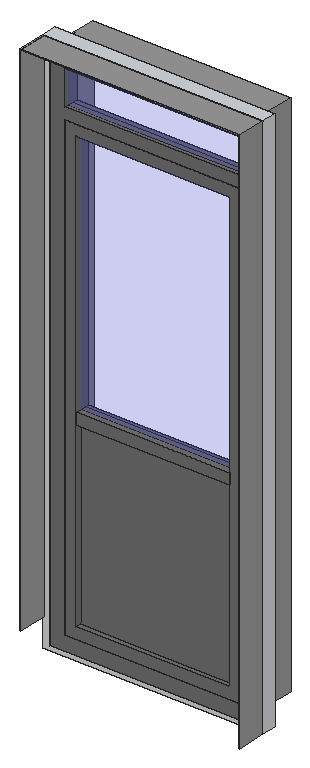
Revit family "AVLN_Балконный блок", category Окна, Revit 2021
Family settings
  Основа = Стена
  Номер OmniClass = 23.30.20.00
  Заголовок OmniClass = Windows
  Всегда вертикально = Да
  При загрузке вырезать с полостями = Нет
  Общий = Нет
  Точка принадлежности помещению = Нет
Parameters (values of type "Для Копирования!")
  Ширина среднействорки = 400 mm
  Ширина рамы двери = 50 mm
  Ширина рамы = 70 mm
  Ширина окна = 1800 mm
  Ширина импоста = 50 mm
  Четверть слева/справа = 50 mm
  Четверть окна снизу = 50 mm
  Четверть низ = 0 mm  # constant formula
  Черверть верх = 50 mm
  Фрамуга_Ширина = Width - (Монтажный зазор * 2 + Ширина рамы * 2)  # 800 mm
  Фрамуга_Высота = Height - (Дверь_Высота + Монтажный зазор_Снизу + Монтажный зазор + Ширина рамы * 2 + Ширина импоста)  # 160 mm
  Толщина основы [instance] = 300 mm
  Створка_толщина = 25 mm  # constant formula
  Rough Width = Width - Монтажный зазор * 2  # 940 mm
  Rough Height = Height - Монтажный зазор * 2  # 2440 mm
  Подстановочный профиль_Ширина = 20 mm  # constant formula
  Подстановочный профиль_Толщина = 50 mm
  Подоконник_Толщина = 20 mm
  Подоконник_Длина = Ширина окна + Ширина рамы * 2 + Монтажный зазор  # 1970 mm
  Подоконник_Глубина = 190 mm
  Подоконник = no
  Отступ.доп.части_Н = Ширина окна + Ширина импоста  # 1850 mm
  Отступ.доп.части_В = Ширина окна + Ширина импоста + Монтажный зазор  # 1880 mm
  Отлив_Толщина = 1 mm  # constant formula
  Отлив_Длина = (Ширина окна + Ширина рамы * 2 + Монтажный зазор) - [Четверть слева/справа]  # 1920 mm
  Отлив_Глубина = 200 mm
  Отлив = no
  Открывание фрамуга = АВЛН_Створка открывная : Створка глухая
  Открывание окно = АВЛН_Створка открывная : Створка глухая
  Откос_Н.Ширина = ADSK_Размер_Ширина - 2 * [Четверть слева/справа]  # 900 mm
  Откос_Н.Толщина.8 = 32 mm
  Откос_Н.Толщина.7 = 28 mm
  Откос_Н.Толщина.6 = 24 mm
  Откос_Н.Толщина.5 = 20 mm
  Откос_Н.Толщина.4 = 16 mm
  Откос_Н.Толщина.3 = 12 mm
  Откос_Н.Толщина.2 = 8 mm
  Откос_Н.Толщина.1 = 4 mm
  Откос_Н.Отступ_П = ADSK_Размер_Высота - (Монтажный зазор + 2 * Ширина рамы + Высота окна)  # 130 mm
  Откос_Н.Отступ_Л = Монтажный зазор  # 30 mm
  Откос_Н.Отступ от уровня = Монтажный зазор  # 30 mm
  Откос_Н.Количество слоев = 1
  Откос_Н.Глубина = 150 mm  # constant formula
  Откос_Н.Высота = ADSK_Размер_Высота - Черверть верх  # 2450 mm
  Откос_В.Толщина.8 = 32 mm
  Откос_В.Толщина.7 = 28 mm
  Откос_В.Толщина.6 = 24 mm
  Откос_В.Толщина.5 = 20 mm
  Откос_В.Толщина.4 = 16 mm
  Откос_В.Толщина.3 = 12 mm
  Откос_В.Толщина.2 = 8 mm
  Откос_В.Толщина.1 = 4 mm
  Откос_В.Количество слоев = 1
  Откос_В.Глубина = 130 mm
  Откос.Отступ_П [instance] = ADSK_Размер_Высота - (Монтажный зазор + 2 * Ширина рамы + Высота окна)  # 130 mm
  Откос.Отступ_Л [instance] = 0 mm
  Определить тепловые свойства по = Тип схем
  Монтажный зазор_Снизу = 20 mm
  Монтажный зазор = 30 mm
  М.Стекла = Стекло
  М.Рамы = AVLN_Материал импоста_RAL 7024
  М.Подоконный профиль = Рама
  М.Подоконник = none
  М.Откос_Н.8 = none
  М.Откос_Н.7 = none
  М.Откос_Н.6 = none
  М.Откос_Н.5 = none
  М.Откос_Н.4 = none
  М.Откос_Н.3 = none
  М.Откос_Н.2 = none
  М.Откос_Н.1 = Штукатурка наружных откосов
  М.Откос_В.8 = none
  М.Откос_В.7 = none
  М.Откос_В.6 = none
  М.Откос_В.5 = none
  М.Откос_В.4 = none
  М.Откос_В.3 = none
  М.Откос_В.2 = none
  М.Откос_В.1 = Штукатурка внутренних откосов
  М.Монтажного зазора = none
  Type Comments = ""
  Ипост высота = 900 mm
  Дверь_Ширина = 740 mm
  Дверь_Высота = 2100 mm
  Дверь.Открывание.Право = yes
  Дверь.Открывание.Лево = not(Дверь.Открывание.Право)  # no
  Дверь.Откидывание = yes
  Дверь заполнение = АВЛН_Дверь балконная : Глухое заполнение снизу
  Глубина вставки = 0 mm
  Высота установки ручки.Дверь = 900 mm
  Высота подоконника по умолчанию = 0 mm
  Высота окна = 2200 mm
  Height = 2500 mm
  Замыкание стены = По основе
  Width = 1000 mm
  Аналитическая конструкция = "<Нет>"
  АВЛН_Площаль откосов наружных = (ADSK_Размер_Высота * 2 + ADSK_Размер_Ширина) * 150 mm  # 0.90 m²
  АВЛН_Площаль откосов внутренних = (ADSK_Размер_Высота * 2 + ADSK_Размер_Ширина) * 180 mm  # 1.08 m²
  ADSK_Этаж [instance] = ""
  ADSK_Размер_Ширина = Width  # 1000 mm
  ADSK_Размер_Высота = Height  # 2500 mm
  ADSK_Примечание [instance] = ""
  ADSK_Обозначение = "ГОСТ 30674-99 ГОСТ 30970-2014"
  ADSK_Номер секции [instance] = ""
  ADSK_Наименование = ""
  ADSK_Марка = "ДБ-1"
  ADSK_Группирование = ""
  30/90 = yes
  -----------Разрезка----------- = "-----------"  # constant formula
  -----------Профили----------- = "-----------"  # constant formula
  -----------Подоконник----------- = "-----------"  # constant formula
  -----------Отлив----------- = "-----------"  # constant formula
  -----------Откос----------- = "-----------"  # constant formula
  -----------Основные габариты----------- = "-----------"  # constant formula
  -----------Вставка----------- = "-----------"  # constant formula
Reference planes
  plane 1 "По центру (Вперед/Назад)": y = 0
  plane 2 "По центру (Влево/Вправо)": x = 0
  plane 3 "Наружный": y = 150
  plane 4 "Внутренние": y = -150
  plane 5 "Окно": y = 150
  plane 6: y = 450
  plane 7: y = -450
  plane 8 "Внутренняя граница": y = 80
  plane 9 "336": x = 500
  plane 10 "339": z = 2500
  plane 11: z = 2470
  plane 12: x = 470
  plane 13: z = 20
  plane 14: x = 450
  plane 15: z = 1140
  plane 16: z = 2450
  plane 17 "340": z = 0
  plane 18: z = 2400
  plane 19: x = -400
  plane 20: x = -470
  plane 21: x = -500
  plane 22: x = -450
  plane 23 "343": x = 400
  plane 24: z = 2190
  plane 25: z = 90
  plane 26: z = 2240
  plane 27: z = 2320
Forms (mm)
  Extrusion 1, void
    sketch origin (0, 150, 0) x (1, 0, 0) y (0, 0, 1)
      loop
        line (500, 2500) -> (-500, 2500) -> (-500, 0) -> (500, 0) -> (500, 2500)
    from 0 to 600
  Extrusion 2, void
    sketch origin (-1890, 150, 0) x (-1, 0, 0) y (0, 0, -1)
      loop
        line (-1440, -2450) -> (-1440, 0) -> (-2340, 0) -> (-2340, -2450) -> (-1440, -2450)
    from -300 to 0
  Extrusion 3, solid, material "AVLN_Материал импоста_RAL 7024" <- "М.Рамы", detail levels medium+fine
    sketch origin (-1890, 150, 0) x (-1, 0, 0) y (0, 0, -1)
      loop
        line (-1420, -20) -> (-2360, -20) -> (-2360, -2470) -> (-1420, -2470) -> (-1420, -20)
      loop
        line (-2290, -90) -> (-2290, -2190) -> (-1490, -2190) -> (-1490, -90) -> (-2290, -90)
      loop
        line (-1490, -2400) -> (-1490, -2240) -> (-2290, -2240) -> (-2290, -2400) -> (-1490, -2400)
    from 0 to 70
  Extrusion 4, solid, material <- "М.Монтажного зазора", detail levels medium+fine
    sketch origin (-1890, -150, 0) x (-1, 0, 0) y (0, 0, -1)
      loop
        line (-2390, 0) -> (-2390, -2500) -> (-1390, -2500) -> (-1390, 0) -> (-2390, 0)
      loop
        line (-1420, -2470) -> (-1420, -20) -> (-2360, -20) -> (-2360, -2470) -> (-1420, -2470)
    from -300 to -230
Cuts and joins
  Extrusion 2 cuts Extrusion 3
  Extrusion 2 cuts Extrusion 4
Lines and regions (mm)
  reference lines
    curve 1: line (500, -150, 2215) -> (-450, -150, 2215)
    curve 2: line (500, -150, 990) -> (-450, -150, 990)
Text (mm)
  text "EXTERIOR" at (-1963.203, 1332.353, 0), in view "Опорный уровень"
  text "INTERIOR" at (-1981.466, -818.386, 0), in view "Опорный уровень"
  text "Наружный" at (0, 923.751, 2943.296), in view "Справа"
  text "Наружный" at (0, 1240.237, 2685.409), in view "Слева"
Dimensions and locks
  locked: plane 3 "Наружный" to host wall
  locked: plane 4 "Внутренние" to host wall
  "Глубина вставки": plane 5 "Окно" to plane 3 "Наружный"
  locked: plane 3 "Наружный" to plane 6 at 300
  locked: plane 7 to plane 4 "Внутренние" at 300
  "Ширина рамы": plane 5 "Окно" to plane 8 "Внутренняя граница"
  "Толщина основы": host wall to host wall
  "ADSK_Размер_Высота": level to plane 10 "339"
  "Монтажный зазор": plane 9 "336" to plane 12
  "Монтажный зазор": plane 11 to plane 10 "339"
  "Четверть слева/справа": plane 9 "336" to plane 14
  "Черверть верх": plane 16 to plane 10 "339"
  "Ширина рамы": plane 18 to plane 11
  "Монтажный зазор": plane 20 to plane 21
  "Ширина рамы": plane 19 to plane 20
  "Четверть слева/справа": plane 22 to plane 21
  "Ширина рамы": plane 12 to plane 23 "343"
  equal spacing: plane 23 "343", plane 2 "По центру (Влево/Вправо)", plane 19
  equal spacing: plane 24, plane 15, plane 25
  "Ширина рамы": plane 25 to plane 13
  "Ширина импоста": plane 26 to plane 24
  equal spacing: plane 26, curve 1, plane 24
  equal spacing: plane 18, plane 27, plane 26
  "Дверь_Высота": plane 24 to plane 25
  "Width": plane 9 "336" to plane 21
  level to plane 15 to plane 10 "339" = 1140 mm, 1360 mm
  "Монтажный зазор_Снизу": level to plane 13
  aligned and locked: plane 5 "Окно" to Extrusion 1
  aligned and locked: Extrusion 1 to plane 7
  aligned and locked: Extrusion 2 sketch curve to plane 14
  aligned and locked: plane 16 to Extrusion 2 sketch curve
  aligned and locked: Extrusion 2 sketch curve to plane 17 "340"
  aligned and locked: Extrusion 2 sketch curve to plane 22
  aligned and locked: Extrusion 3 sketch curve to plane 20
  aligned and locked: plane 13 to Extrusion 3 sketch curve
  aligned and locked: Extrusion 3 sketch curve to plane 12
  aligned and locked: plane 11 to Extrusion 3 sketch curve
  aligned and locked: Extrusion 3 sketch curve to plane 19
  aligned and locked: Extrusion 4 sketch curve to plane 9 "336"
  aligned and locked: Extrusion 4 sketch curve to plane 17 "340"
  aligned and locked: plane 21 to Extrusion 4 sketch curve
  aligned and locked: plane 10 "339" to Extrusion 4 sketch curve
  aligned and locked: Extrusion 4 sketch curve to plane 11
  aligned and locked: Extrusion 4 sketch curve to plane 12
  aligned and locked: plane 13 to Extrusion 4 sketch curve
  aligned and locked: Extrusion 4 sketch curve to plane 20
  aligned and locked: plane 23 "343" to Extrusion 3
  aligned and locked: Extrusion 3 to plane 25
  aligned and locked: curve 1 to plane 9 "336"
  aligned and locked: nested 4 to plane 12
  aligned and locked: nested 3 to plane 22
  aligned and locked: Extrusion 1 sketch curve to plane 10 "339"
  aligned and locked: plane 9 "336" to Extrusion 1 sketch curve
  aligned and locked: Extrusion 1 sketch curve to plane 17 "340"
  aligned and locked: plane 27 to nested 5
  aligned and locked: plane 21 to Extrusion 1 sketch curve
  aligned and locked: nested 4 to plane 8 "Внутренняя граница"
  aligned and locked: plane 8 "Внутренняя граница" to nested 3
  aligned and locked: Extrusion 2 to plane 5 "Окно"
  aligned and locked: Extrusion 3 to plane 8 "Внутренняя граница"
  aligned and locked: plane 5 "Окно" to Extrusion 3
  aligned and locked: plane 5 "Окно" to Extrusion 4
  aligned and locked: Extrusion 4 to plane 8 "Внутренняя граница"
  aligned and locked: Extrusion 2 to plane 22
  aligned and locked: plane 14 to Extrusion 2
  aligned and locked: plane 6 to Extrusion 2
  aligned and locked: plane 15 to nested 6
  aligned and locked: plane 2 "По центру (Влево/Вправо)" to nested 6
  aligned and locked: nested 7 to plane 2 "По центру (Влево/Вправо)"
  aligned and locked: plane 10 "339" to nested 7
  aligned and locked: plane 2 "По центру (Влево/Вправо)" to nested 2
  aligned and locked: plane 2 "По центру (Влево/Вправо)" to nested 1
  aligned and locked: nested 2 to plane 5 "Окно"
  aligned and locked: plane 8 "Внутренняя граница" to nested 1
Automatic sketch dimensions
  curve 2 to plane 9 "336" = 0 mm
  Extrusion 3 sketch curve to plane 23 "343" = 0 mm  (x2)
  Extrusion 3 sketch curve to plane 19 = 0 mm
  plane 24 to curve 1 = 25 mm
  Extrusion 3 sketch curve to plane 25 = 0 mm
  Extrusion 3 sketch curve to plane 24 = 0 mm
  Extrusion 3 sketch curve to plane 26 = 0 mm
  Extrusion 3 sketch curve to plane 18 = 0 mm
  curve 2 to plane 15 = 150 mm
  curve 1 to plane 22 = 0 mm
  curve 2 to plane 22 = 0 mm
Nested families
  nested 1: "AVLN_Откосы_R19" at (0, -50, 0), Ширина <- "ADSK_Размер_Ширина", Глубина <- "Откос_В.Глубина", Высота <- "ADSK_Размер_Высота", Высота от уровня <- "Высота подоконника по умолчанию", ADSK_Группирование <- "Type Comments", ADSK_Этаж <- "ADSK_Этаж", ADSK_Номер секции <- "ADSK_Номер секции", Материал_1 <- "М.Откос_В.1", Материал_2 <- "М.Откос_В.2", Материал_3 <- "М.Откос_В.3", Материал_4 <- "М.Откос_В.4", Материал_5 <- "М.Откос_В.5", Материал_6 <- "М.Откос_В.6", Материал_7 <- "М.Откос_В.7", Материал_8 <- "М.Откос_В.8", Толщина_1 <- "Откос_В.Толщина.1", Толщина_2 <- "Откос_В.Толщина.2", Толщина_3 <- "Откос_В.Толщина.3", Толщина_4 <- "Откос_В.Толщина.4", Толщина_5 <- "Откос_В.Толщина.5", Толщина_6 <- "Откос_В.Толщина.6", Толщина_7 <- "Откос_В.Толщина.7", Толщина_8 <- "Откос_В.Толщина.8", Количество слоев <- "Откос_В.Количество слоев", Отступ_Л <- "Откос.Отступ_П", Отступ_П <- "Откос.Отступ_Л", Отступ.доп.части <- "Отступ.доп.части_В", type "AVLN_Откосы_R19"
    with Ширина_8 776 mm, Ширина_7 832 mm, Ширина_6 880 mm, Ширина_5 920 mm, Ширина_4 952 mm, Ширина_3 976 mm, Ширина_2 992 mm, Ширина 1000 mm, Толщина_8 32 mm, Толщина_7 28 mm, Толщина_6 24 mm, Толщина_5 20 mm, Толщина_4 16 mm, Толщина_3 12 mm, Толщина_2 8 mm, Толщина_1 4 mm, Отступ_П 0 mm, Отступ_Л 130 mm, Отступ.доп.части 1880 mm, Материал_8 none, Материал_7 none, Материал_6 none, Материал_5 none, Материал_4 none, Материал_3 none, Материал_2 none, Материал_1 Штукатурка внутренних откосов, Количество слоев 1, Глубина 130 mm, Высота_8 2388 mm, Высота_7 2416 mm, Высота_6 2440 mm, Высота_5 2460 mm, Высота_4 2476 mm, Высота_3 2488 mm, Высота_2 2496 mm, Высота.доп.части 0 mm, Высота от уровня 0 mm, Высота 2500 mm, Видимость_8 no, Видимость_7 no, Видимость_6 no, Видимость_5 no, Видимость_4 no, Видимость_3 no, Видимость_2 no, Видимость_1 yes, Видимость.доп.части yes, ВД.8 no, ВД.7 no, ВД.6 no, ВД.5 no, ВД.4 no, ВД.3 no, ВД.2 no, ВД.1 yes, ADSK_Этаж "", ADSK_Номер секции "", ADSK_Группирование ""
  nested 2: "AVLN_Откосы_R19" at (0, 150, 0), Ширина <- "Откос_Н.Ширина", Глубина <- "Откос_Н.Глубина", Высота <- "Откос_Н.Высота", Высота от уровня <- "Откос_Н.Отступ от уровня", ADSK_Группирование <- "Type Comments", ADSK_Этаж <- "ADSK_Этаж", ADSK_Номер секции <- "ADSK_Номер секции", Материал_1 <- "М.Откос_Н.1", Материал_2 <- "М.Откос_Н.2", Материал_3 <- "М.Откос_Н.3", Материал_4 <- "М.Откос_Н.4", Материал_5 <- "М.Откос_Н.5", Материал_6 <- "М.Откос_Н.6", Материал_7 <- "М.Откос_Н.7", Материал_8 <- "М.Откос_Н.8", Толщина_1 <- "Откос_Н.Толщина.1", Толщина_2 <- "Откос_Н.Толщина.2", Толщина_3 <- "Откос_Н.Толщина.3", Толщина_4 <- "Откос_Н.Толщина.4", Толщина_5 <- "Откос_Н.Толщина.5", Толщина_6 <- "Откос_Н.Толщина.6", Толщина_7 <- "Откос_Н.Толщина.7", Толщина_8 <- "Откос_Н.Толщина.8", Количество слоев <- "Откос_Н.Количество слоев", Отступ_Л <- "Откос_Н.Отступ_П", Отступ_П <- "Откос_Н.Отступ_Л", Отступ.доп.части <- "Отступ.доп.части_Н", type "AVLN_Откосы_R19"
    with Ширина_8 676 mm, Ширина_7 732 mm, Ширина_6 780 mm, Ширина_5 820 mm, Ширина_4 852 mm, Ширина_3 876 mm, Ширина_2 892 mm, Ширина 900 mm, Толщина_8 32 mm, Толщина_7 28 mm, Толщина_6 24 mm, Толщина_5 20 mm, Толщина_4 16 mm, Толщина_3 12 mm, Толщина_2 8 mm, Толщина_1 4 mm, Отступ_П 30 mm, Отступ_Л 130 mm, Отступ.доп.части 1850 mm, Материал_8 none, Материал_7 none, Материал_6 none, Материал_5 none, Материал_4 none, Материал_3 none, Материал_2 none, Материал_1 Штукатурка наружных откосов, Количество слоев 1, Глубина 150 mm, Высота_8 2338 mm, Высота_7 2366 mm, Высота_6 2390 mm, Высота_5 2410 mm, Высота_4 2426 mm, Высота_3 2438 mm, Высота_2 2446 mm, Высота.доп.части 0 mm, Высота от уровня 30 mm, Высота 2450 mm, Видимость_8 no, Видимость_7 no, Видимость_6 no, Видимость_5 no, Видимость_4 no, Видимость_3 no, Видимость_2 no, Видимость_1 yes, Видимость.доп.части yes, ВД.8 no, ВД.7 no, ВД.6 no, ВД.5 no, ВД.4 no, ВД.3 no, ВД.2 no, ВД.1 yes, ADSK_Этаж "", ADSK_Номер секции "", ADSK_Группирование ""
  nested 3: "АС-Обозначение на плане двупольная" at (-450, 80, 0) x (-1, 0, 0) z (0, 0, 1), Коробка.Толщина <- "Ширина рамы", Коробка.Ширина <- "Ширина импоста", Rough Width <- "Дверь_Ширина", Height <- "Дверь_Высота", visible <- "Дверь.Открывание.Лево", type "АС-Стандарт"
    with Width 791 mm, built-in parameter 1001302 50 mm, Rough Width 740 mm, Монтажный зазор.Ширина сбоку 1 mm, Коробка.Ширина 50 mm, Коробка.Толщина 70 mm, Height 2100 mm
  nested 4: "АС-Обозначение на плане двупольная" at (470, 80, 0), Коробка.Толщина <- "Ширина рамы", Коробка.Ширина <- "Ширина импоста", Rough Width <- "Дверь_Ширина", Height <- "Дверь_Высота", visible <- "Дверь.Открывание.Право", type "АС-Стандарт"
    with Width 791 mm, built-in parameter 1001302 50 mm, Rough Width 740 mm, Монтажный зазор.Ширина сбоку 1 mm, Коробка.Ширина 50 mm, Коробка.Толщина 70 mm, Height 2100 mm
  nested 5: "АВЛН_Створка открывная" at (0, 80, 2320) x (1, 0, 0) z (0, 1, 0), Створка высота <- "Фрамуга_Высота", Створка ширина <- "Фрамуга_Ширина", Ширина рамы <- "Створка_толщина", type <- "Открывание фрамуга", Материал_Рама <- "М.Рамы", Материал_Стеклопакет <- "М.Стекла", Материал_Ручки <- "М.Рамы", type "Створка глухая", detail levels medium+fine
    with Ширина рамы 25 mm, Створка ширина 800 mm, Створка высота 160 mm, Материал_Стеклопакет Стекло, Материал_Ручки AVLN_Материал импоста_RAL 7024, Материал_Рама AVLN_Материал импоста_RAL 7024
  nested 6: "АВЛН_Дверь балконная" at (0, 150, 1140) x (-1, 0, 0) z (0, -1, 0), Дверь высота <- "Дверь_Высота", Дверь ширина <- "Фрамуга_Ширина", Ручка высота <- "Высота установки ручки.Дверь", Импост высота <- "Ипост высота", Импост ширина <- "Ширина импоста", Корбка толщина <- "Ширина рамы двери", type <- "Дверь заполнение", Правая <- "Дверь.Открывание.Лево", Левая <- "Дверь.Открывание.Право", Откидная <- "Дверь.Откидывание", М.ПП <- "М.Рамы", М.Р <- "М.Рамы", М.С <- "М.Стекла", type "Глухое заполнение снизу", detail levels medium+fine
    with Ручка высота 900 mm, Правая no, Откидная yes, М.С Стекло, М.Р AVLN_Материал импоста_RAL 7024, М.ПП AVLN_Материал импоста_RAL 7024, Левая yes, Корбка толщина 50 mm, Импост ширина 50 mm, Импост высота 900 mm, Дверь ширина 800 mm, Дверь высота 2100 mm, Width 740 mm
  nested 7: "AVLN_Обозначение проема" at (0, 150, 1250) x (0, 0, -1) z (0, -1, 0), ADSK_Размер_Высота <- "ADSK_Размер_Ширина", ADSK_Размер_Ширина <- "ADSK_Размер_Высота", type "AVLN_Обозначение проема", detail levels coarse
    with Длина 200 mm, ADSK_Размер_Ширина 2500 mm, ADSK_Размер_Высота 1000 mm
  nested 8: "Откос_R19" at (0, 15, 0), type "Откос_R19"
    with Площадь 0.78 m², Отступ_П 0 mm, Отступ_Л 130 mm, Материал Штукатурка внутренних откосов, Видимость yes, ADSK_Этаж "", ADSK_Размер_Ширина 1000 mm, ADSK_Размер_Толщина 4 mm, ADSK_Размер_Глубина 130 mm, ADSK_Размер_Высота 2500 mm, ADSK_Номер секции "", ADSK_Группирование ""
  nested 9: "Откос_R19" at (0, 225, 30), type "Откос_R19"
    with Площадь 0.87 m², Отступ_П 30 mm, Отступ_Л 130 mm, Материал Штукатурка наружных откосов, Видимость yes, ADSK_Этаж "", ADSK_Размер_Ширина 900 mm, ADSK_Размер_Толщина 4 mm, ADSK_Размер_Глубина 150 mm, ADSK_Размер_Высота 2450 mm, ADSK_Номер секции "", ADSK_Группирование ""
Definition of nested family "АВЛН_Створка открывная"
  Parameters (values of type "Створка повороно-откидная правая")
    Ширина рамы [instance] = 50 mm
    Width = 600 mm
    Створка ширина [instance] = 800 mm
    Створка высота [instance] = 700 mm
    Материал_Стеклопакет [instance] = none
    Поворотная Правая = yes
    Поворотная Левая = no
    Default Elevation = 1219.2 mm
    Открываная = yes
    Откидная = yes
    Материал_Ручки [instance] = none
    Материал_Рама [instance] = none
    Левая = yes
    Глухое = no
    Height = 1150 mm
    Analytic Construction = "<Нет>"
  Types (6, lengths in mm): name | Width | Поворотная Правая | Поворотная Левая | Открываная | Откидная | Глухое | Height
    Створка повороно-откидная правая | 600 | yes | no | yes | yes | no | 1150
    Створка повороно-откидная левая | 600 | no | yes | yes | yes | no | 1150
    Створка глухая | 600 | no | no | no | no | yes | 1150
    Створка откидная | 1300 | no | no | yes | yes | no | 1700
    Створка поворотная правая | 600 | yes | no | yes | no | no | 1150
    Створка поворотная левая | 600 | no | yes | yes | no | no | 1150
  Reference planes
    plane 1 "По центру (Вперед/Назад)": y = 0
    plane 2 "Внутрення грань": z = 0
    plane 3 "По центру (Влево/Вправо)": x = 0
    plane 4: y = 350
    plane 5: x = 400
    plane 6: y = -350
    plane 7: x = -400
    plane 8 "Наружняя грань": z = 60.433
    plane 9 "По центру Л/Р": z = 30.216
  Forms (mm)
    Extrusion 1, solid
      sketch origin (0, 0, 0) x (1, 0, 0) y (0, 1, 0)
        loop
          line (-1219.2, 1219.2) -> (-1219.2, -1219.2) -> (1219.2, -1219.2) -> (1219.2, 1219.2) -> (-1219.2, 1219.2)
      from 0 to -304.8
    Sweep 2, solid, material <- "Материал_Рама", visible <- "Открываная"
      path origin (0, 0, 0) x (1, 0, 0) y (0, 1, 0)
        loop
          line (400, 350) -> (-400, 350) -> (-400, -350) -> (400, -350) -> (400, 350)
      profile origin (0, 350, 0) x (0, -1, 0) y (0, 0, 1)
        loop
          line (0, 0) -> (50, 0) -> (50, 60.433) -> (0, 60.433) -> (0, 0)
    Extrusion 3, solid, material <- "Материал_Стеклопакет", visible <- "Открываная"
      sketch origin (0, 0, 0) x (1, 0, 0) y (0, 1, 0)
        loop
          line (-350, 300) -> (-350, -300) -> (350, -300) -> (350, 300) -> (-350, 300)
      from 17.481 to 42.952
    Extrusion 4, solid, material <- "Материал_Стеклопакет", visible <- "Глухое"
      sketch origin (0, 0, 0) x (1, 0, 0) y (0, 1, 0)
        loop
          line (-400, 350) -> (-400, -350) -> (400, -350) -> (400, 350) -> (-400, 350)
      from 17.481 to 42.952
  Lines and regions (mm)
    model lines, visible <- "Глухое", detail levels medium+fine
      curve 1: line (0, 50, 60.433) -> (0, -50, 60.433)
      curve 2: line (50, 0, 60.433) -> (-50, 0, 60.433)
      curve 17: line (0, 50, 0) -> (0, -50, 0)
      curve 18: line (50, 0, 0) -> (-50, 0, 0)
    model lines, visible <- "Глухое", not visible, detail levels medium+fine
      curve 3: line (60, 38.001, 60.433) -> (60, -61.999, 60.433)
      curve 4: line (110, -11.999, 60.433) -> (10, -11.999, 60.433)
    model lines, visible <- "Поворотная Правая", detail levels medium+fine
      curve 5: line (400, 350, 0) -> (-400, 0, 0)
      curve 6: line (400, -350, 0) -> (-400, 0, 0)
      curve 13: line (400, 350, 60.433) -> (-400, 0, 60.433)
      curve 14: line (400, -350, 60.433) -> (-400, 0, 60.433)
    model lines, visible <- "Откидная", detail levels medium+fine
      curve 7: line (-400, -350, 0) -> (0, 350, 0)
      curve 8: line (0, 350, 0) -> (400, -350, 0)
      curve 15: line (-400, -350, 60.433) -> (0, 350, 60.433)
      curve 16: line (0, 350, 60.433) -> (400, -350, 60.433)
    model lines, visible <- "Поворотная Левая", detail levels medium+fine
      curve 9: line (-400, 350, 0) -> (400, 0, 0)
      curve 10: line (-400, -350, 0) -> (400, 0, 0)
      curve 11: line (-400, 350, 60.433) -> (400, 0, 60.433)
      curve 12: line (-400, -350, 60.433) -> (400, 0, 60.433)
  Dimensions and locks
    "Створка высота": plane 4 to plane 6
    "Створка ширина": plane 7 to plane 5
    equal spacing: plane 7, plane 3 "По центру (Влево/Вправо)", plane 5
    equal spacing: plane 6, plane 1 "По центру (Вперед/Назад)", plane 4
    plane 2 "Внутрення грань" to plane 8 "Наружняя грань" = 60.433 mm
    level to Extrusion 4 = 42.952 mm
    plane 8 "Наружняя грань" to level = 60.433 mm
    equal spacing: Extrusion 3, plane 9 "По центру Л/Р", Extrusion 3
    equal spacing: plane 8 "Наружняя грань", plane 9 "По центру Л/Р", level
    Extrusion 3 to Extrusion 3 = 25.471 mm
    "Ширина рамы": profile plane to Sweep 2 sketch curve
    equal spacing: Extrusion 4, plane 9 "По центру Л/Р", Extrusion 4, locked at 12.735 each
    locked: Extrusion 4 to Extrusion 4 at 25.471
    equal spacing: Sweep 2, nested 1, Sweep 2
    equal spacing: Sweep 2, nested 2, Sweep 2
    aligned and locked: plane 2 "Внутрення грань" to Extrusion 1
    aligned and locked: level to Extrusion 1
    aligned and locked: plane 4 to Sweep 2 sketch curve
    aligned and locked: plane 5 to Sweep 2 sketch curve
    aligned and locked: plane 6 to Sweep 2 sketch curve
    aligned and locked: Sweep 2 sketch curve to plane 7
    aligned and locked: Extrusion 3 sketch curve to Sweep 2  (x4)
    aligned and locked: Extrusion 4 sketch curve to Sweep 2  (x3)
    aligned and locked: Extrusion 4 sketch curve to plane 5
    aligned and locked: Sweep 2 sketch curve to plane 8 "Наружняя грань"
    aligned and locked: plane 6 to Extrusion 4
    aligned and locked: plane 4 to Extrusion 4
    aligned and locked: curve 2 to plane 1 "По центру (Вперед/Назад)"
    aligned and locked: curve 1 to plane 3 "По центру (Влево/Вправо)"
    aligned and locked: curve 18 to plane 1 "По центру (Вперед/Назад)"
    aligned and locked: curve 17 to plane 3 "По центру (Влево/Вправо)"
    aligned and locked: nested 2 to plane 1 "По центру (Вперед/Назад)"
    aligned and locked: nested 1 to plane 1 "По центру (Вперед/Назад)"
  Automatic sketch dimensions
    Extrusion 1 sketch curve to Extrusion 1 sketch curve = 2438.4 mm  (x2)
    plane 1 "По центру (Вперед/Назад)" to curve 5 = 0 mm
    curve 5 to plane 7 = 0 mm
    curve 9 to plane 4 = 0 mm
    curve 9 to plane 7 = 0 mm
    plane 6 to curve 7 = 0 mm
    curve 7 to plane 7 = 0 mm
    curve 7 to plane 3 "По центру (Влево/Вправо)" = 0 mm
    curve 6 to plane 5 = 0 mm
    plane 1 "По центру (Вперед/Назад)" to curve 9 = 0 mm
    curve 9 to plane 5 = 0 mm
    curve 5 to plane 4 = 0 mm
    curve 5 to plane 5 = 0 mm
    plane 6 to curve 8 = 0 mm
    curve 8 to plane 4 = 0 mm
    curve 11 to plane 4 = 0 mm
    curve 11 to plane 7 = 0 mm
    plane 6 to curve 15 = 0 mm
    curve 15 to plane 7 = 0 mm
    plane 1 "По центру (Вперед/Назад)" to curve 14 = 0 mm
    curve 14 to plane 7 = 0 mm
    curve 15 to plane 3 "По центру (Влево/Вправо)" = 0 mm
    plane 1 "По центру (Вперед/Назад)" to curve 11 = 0 mm
    curve 11 to plane 5 = 0 mm
    curve 14 to plane 5 = 0 mm
    curve 13 to plane 4 = 0 mm
    curve 13 to plane 5 = 0 mm
    plane 6 to curve 14 = 0 mm
    curve 15 to plane 4 = 0 mm
    plane 1 "По центру (Вперед/Назад)" to curve 2 = 0 mm
    curve 1 to plane 3 "По центру (Влево/Вправо)" = 0 mm
    curve 2 to plane 3 "По центру (Влево/Вправо)" = 50 mm
    plane 3 "По центру (Влево/Вправо)" to curve 2 = 50 mm
    plane 1 "По центру (Вперед/Назад)" to curve 1 = 50 mm
    curve 1 to plane 1 "По центру (Вперед/Назад)" = 50 mm
    curve 18 to curve 17 = 50 mm
    curve 17 to curve 18 = 50 mm
    plane 1 "По центру (Вперед/Назад)" to curve 17 = 50 mm
    curve 17 to plane 1 "По центру (Вперед/Назад)" = 50 mm
    Sweep 2 sketch curve to level = 0 mm
    Sweep 2 sketch curve to profile plane = 0 mm
  Nested families
    nested 1: "АВЛН_Ручка" at (375, 1040, 0) x (1, 0, 0) z (0, -1, 0), visible <- "Поворотная Левая", Материал дверной ручки <- "Материал_Рама", type "АВЛН_Ручка", detail levels fine
      with Материал дверной ручки none, Высота расположения дверной ручки 1040 mm
    nested 2: "АВЛН_Ручка" at (-375, 1040, 0) x (1, 0, 0) z (0, -1, 0), visible <- "Поворотная Правая", Материал дверной ручки <- "Материал_Рама", type "АВЛН_Ручка", detail levels fine
      with Материал дверной ручки none, Высота расположения дверной ручки 1040 mm
  Definition of nested family "АВЛН_Ручка"
    Parameters (values of type "АВЛН_Ручка")
      Default Elevation = 1219.2 mm
      Материал дверной ручки [instance] = none
      Высота расположения дверной ручки [instance] = 1040 mm
      Analytic Construction = "<Нет>"
      b = 25 mm
      a = 75 mm
    Reference planes
      plane 1 "По центру (Вперед/Назад)": y = 0
      plane 2: z = 0
      plane 3 "По центру (Влево/Вправо)": x = 0
      plane 4: z = 1040
      plane 5: x = 12.5
      plane 6: x = -12.5
      plane 7: z = 1002.5
      plane 8: z = 1077.5
      plane 9: y = -15
    Forms (mm)
      Extrusion 1, solid, material <- "Материал дверной ручки"
        sketch origin (0, 0, 2080) x (-1, 0, 0) y (0, 0, -1)
          loop
            arc (-2.5, 1077.5) -> (-9.571, 1074.571) -> (-12.5, 1067.5) r 10
            line (-12.5, 1067.5) -> (-12.5, 1012.5)
            arc (-12.5, 1012.5) -> (-9.571, 1005.429) -> (-2.5, 1002.5) r 10
            line (-2.5, 1002.5) -> (2.5, 1002.5)
            arc (2.5, 1002.5) -> (9.571, 1005.429) -> (12.5, 1012.5) r 10
            line (12.5, 1012.5) -> (12.5, 1067.5)
            arc (12.5, 1067.5) -> (9.571, 1074.571) -> (2.5, 1077.5) r 10
            line (2.5, 1077.5) -> (-2.5, 1077.5)
        from 0 to 15
      Sweep 2, solid, material <- "Материал дверной ручки"
        path origin (-1040, 0, 1040) x (0, 0, -1) y (0, 1, 0)
          loop
            line (0, -15) -> (0, -38.261)
            arc (0, -38.261) -> (-2.929, -45.332) -> (-10, -48.261) r 10
            line (-10, -48.261) -> (-130, -48.261)
        profile origin (-1040, -26.63, 1040) x (0, 0, -1) y (1, 0, 0)
          loop
            circle (0, 1040) r 8
    Dimensions and locks
      "Высота расположения дверной ручки": plane 4 to level
      "a": plane 7 to plane 8
      "b": plane 6 to plane 5
      plane 6 to plane 5 = 25 mm
      locked: plane 1 "По центру (Вперед/Назад)" to plane 9 at 15
      plane 7 to plane 8 = 75 mm
      aligned and locked: level to plane 2
      aligned and locked: Extrusion 1 sketch curve to plane 7
      aligned and locked: plane 5 to Extrusion 1 sketch curve
      aligned and locked: plane 8 to Extrusion 1 sketch curve
      aligned and locked: Extrusion 1 sketch curve to plane 6
      aligned and locked: Extrusion 1 to plane 1 "По центру (Вперед/Назад)"
    Automatic sketch dimensions
      Sweep 2 sketch curve to plane 9 = 0 mm
      plane 4 to Sweep 2 sketch curve = 10 mm
      plane 9 to Sweep 2 sketch curve = 23.261 mm
      Sweep 2 sketch curve to Sweep 2 sketch curve = 120 mm
      Sweep 2 sketch curve to profile plane = 0 mm
      profile plane to Sweep 2 sketch curve = 1040 mm
      Sweep 2 sketch curve to plane 4 = 0 mm
      plane 3 "По центру (Влево/Вправо)" to Extrusion 1 sketch curve = 2.5 mm  (x2)
      Extrusion 1 sketch curve to plane 3 "По центру (Влево/Вправо)" = 2.5 mm  (x2)
      radius of Sweep 2 sketch curve = 8 mm
Definition of nested family "АВЛН_Дверь балконная"
  Parameters (values of type "Заполнение стеклом сплошное")
    Width = 0 mm
    Стекло заполнение сверху = no
    Стекло сплошное заполнение = yes
    Ручка высота [instance] = 985 mm
    Правая [instance] = no
    Default Elevation = 0 mm
    Откидная [instance] = no
    М.С [instance] = none
    М.Р [instance] = none
    М.ПП [instance] = none
    Левая [instance] = no
    Корбка толщина [instance] = 25 mm
    Импост ширина [instance] = 50 mm
    Импост высота [instance] = 900 mm
    Импост = no
    Дверь ширина [instance] = 800 mm
    Дверь высота [instance] = 2100 mm
    Глухое заполнение снизу = no
    Height = 0 mm
    Analytic Construction = "<Нет>"
  Types (3, lengths in mm): name | Width | Стекло заполнение сверху | Стекло сплошное заполнение | Импост высота | Импост | Дверь ширина | Глухое заполнение снизу | Height
    Заполнение стеклом сплошное | 0 | no | yes | 900 | no | 800 | no | 0
    Глухое заполнение снизу | 860 | yes | no | 1050 | yes | 1050 | yes | 2100
    Заполнение стеклом разделенное | 800 | no | yes | 900 | yes | 800 | no | 2100
  Reference planes
    plane 1 "По центру (Вперед/Назад)": y = 0
    plane 2: z = 0
    plane 3 "По центру (Влево/Вправо)": x = 0
    plane 4: y = 1050
    plane 5 "Основание двери": y = -1050
    plane 6: x = 400
    plane 7: x = -400
    plane 8: y = -150
    plane 9: y = -125
    plane 10: y = -175
    plane 11: x = 375
    plane 12: y = -1025
    plane 13: x = -375
    plane 14: y = 1025
    plane 15: z = 70
    plane 16: y = -65
  Forms (mm)
    Extrusion 1, solid
      sketch origin (0, 0, 0) x (1, 0, 0) y (0, 1, 0)
        loop
          line (-1970, 1440) -> (-1970, -1672.46) -> (1957.193, -1672.46) -> (1957.193, 1440) -> (-1970, 1440)
      from 0 to -304.8
    Extrusion 2, solid, material <- "М.Р", visible <- "Импост", detail levels medium+fine
      sketch origin (-467.888, -159.945, 0) x (1, 0, 0) y (0, 1, 0)
        loop
          line (92.888, 34.945) -> (92.888, -15.055) -> (842.888, -15.055) -> (842.888, 34.945) -> (92.888, 34.945)
      from 0 to 70
    Extrusion 3, solid, material <- "М.Р", detail levels medium+fine
      sketch origin (-467.888, -61.043, 0) x (1, 0, 0) y (0, 1, 0)
        loop
          line (67.888, -988.957) -> (867.888, -988.957) -> (867.888, 1111.043) -> (67.888, 1111.043) -> (67.888, -988.957)
        loop
          line (92.888, 1086.043) -> (92.888, -963.957) -> (842.888, -963.957) -> (842.888, 1086.043) -> (92.888, 1086.043)
      from 0 to 70
    Extrusion 4, solid, material <- "М.С", visible <- "Стекло заполнение сверху", detail levels medium+fine
      sketch origin (1132.112, 87.618, 0) x (1, 0, 0) y (0, 1, 0)
        loop
          line (-1507.112, 937.382) -> (-1507.112, -212.618) -> (-757.112, -212.618) -> (-757.112, 937.382) -> (-1507.112, 937.382)
      from 20 to 45
    Extrusion 5, solid, material <- "М.Р", visible <- "Глухое заполнение снизу", detail levels medium+fine
      sketch origin (-489.421, 311.882, 0) x (1, 0, 0) y (0, 1, 0)
        loop
          line (114.421, -486.882) -> (114.421, -1336.882) -> (864.421, -1336.882) -> (864.421, -486.882) -> (114.421, -486.882)
      from 20 to 45
    Extrusion 6, solid, material <- "М.С", visible <- "Стекло сплошное заполнение", detail levels medium+fine
      sketch origin (932.112, 7.618, 0) x (1, 0, 0) y (0, 1, 0)
        loop
          line (-1307.112, 1017.382) -> (-1307.112, -1032.618) -> (-557.112, -1032.618) -> (-557.112, 1017.382) -> (-1307.112, 1017.382)
      from 20 to 45
  Lines and regions (mm)
    model lines, visible <- "Правая", detail levels medium+fine
      curve 1: line (375, 1025, 45) -> (-375, 0, 45)
      curve 2: line (375, -1025, 45) -> (-375, 0, 45)
      curve 9: line (375, 1025, 20) -> (-375, 0, 20)
      curve 10: line (375, -1025, 20) -> (-375, 0, 20)
    model lines, visible <- "Откидная", detail levels medium+fine
      curve 3: line (-375, -1025, 45) -> (0, 1025, 45)
      curve 4: line (0, 1025, 45) -> (375, -1025, 45)
      curve 11: line (-375, -1025, 20) -> (0, 1025, 20)
      curve 12: line (0, 1025, 20) -> (375, -1025, 20)
    model lines, visible <- "Левая", detail levels medium+fine
      curve 5: line (-375, 1025, 45) -> (375, 0, 45)
      curve 6: line (-375, -1025, 45) -> (375, 0, 45)
      curve 7: line (-375, 1025, 20) -> (375, 0, 20)
      curve 8: line (-375, -1025, 20) -> (375, 0, 20)
    symbolic lines, not visible, detail levels medium+fine
      curve 13: line (873.016, 510.662, 0) -> (1073.016, 510.662, 0)
      curve 14: line (973.016, 410.662, 0) -> (973.016, 610.662, 0)
      curve 15: line (2093.378, 460, 0) -> (2293.378, 460, 0)
      curve 16: line (2193.378, 360, 0) -> (2193.378, 560, 0)
      curve 17: line (-767.079, 635.2, 0) -> (-567.079, 635.2, 0)
      curve 18: line (-667.079, 535.2, 0) -> (-667.079, 735.2, 0)
  Dimensions and locks
    equal spacing: plane 7, plane 3 "По центру (Влево/Вправо)", plane 6
    equal spacing: plane 5 "Основание двери", plane 1 "По центру (Вперед/Назад)", plane 4
    "Дверь высота": plane 4 to plane 5 "Основание двери"
    "Дверь ширина": plane 7 to plane 6
    "Импост высота": plane 8 to plane 5 "Основание двери"
    equal spacing: plane 9, plane 8, plane 10
    "Импост ширина": plane 9 to plane 10
    "Корбка толщина": plane 4 to plane 14
    "Корбка толщина": plane 12 to plane 5 "Основание двери"
    "Корбка толщина": plane 11 to plane 6
    "Корбка толщина": plane 7 to plane 13
    Extrusion 6 to plane 15 = 25 mm
    locked: Extrusion 4 to plane 15 at 25
    plane 11 to plane 6 = 25 mm
    plane 7 to plane 13 = 25 mm
    "Ручка высота": plane 16 to plane 5 "Основание двери"
    aligned and locked: Extrusion 1 to plane 2
    aligned and locked: Extrusion 1 to level
    aligned and locked: plane 9 to Extrusion 2
    aligned and locked: Extrusion 2 to plane 10
    aligned and locked: plane 4 to Extrusion 3
    aligned and locked: Extrusion 3 to plane 14
    aligned and locked: plane 6 to Extrusion 3
    aligned and locked: Extrusion 3 to plane 11
    aligned and locked: Extrusion 3 to plane 5 "Основание двери"
    aligned and locked: plane 12 to Extrusion 3
    aligned and locked: Extrusion 3 to plane 7
    aligned and locked: plane 13 to Extrusion 3
    aligned and locked: plane 11 to Extrusion 2
    aligned and locked: Extrusion 2 to plane 13
    aligned and locked: plane 14 to Extrusion 6
    aligned and locked: Extrusion 6 to plane 13
    aligned and locked: Extrusion 6 to plane 12
    aligned and locked: plane 11 to Extrusion 6
    aligned and locked: plane 14 to Extrusion 4
    aligned and locked: Extrusion 4 to plane 13
    aligned and locked: plane 11 to Extrusion 4
    aligned and locked: Extrusion 4 to plane 9
    aligned and locked: plane 13 to curve 5
    aligned and locked: plane 14 to curve 5
    aligned and locked: plane 14 to curve 7
    aligned and locked: plane 13 to curve 7
    aligned and locked: plane 11 to curve 5
    aligned and locked: plane 1 "По центру (Вперед/Назад)" to curve 5
    aligned and locked: plane 11 to curve 7
    aligned and locked: plane 1 "По центру (Вперед/Назад)" to curve 7
    aligned and locked: Extrusion 3 to Extrusion 2
    aligned and locked: Extrusion 2 to level
    aligned and locked: Extrusion 3 to level
    aligned and locked: Extrusion 3 sketch curve to plane 11
    aligned and locked: Extrusion 3 sketch curve to plane 6
    aligned and locked: plane 7 to Extrusion 3 sketch curve
    aligned and locked: Extrusion 3 sketch curve to plane 13
    aligned and locked: Extrusion 3 sketch curve to plane 5 "Основание двери"
    aligned and locked: Extrusion 3 sketch curve to plane 12
    aligned and locked: Extrusion 3 sketch curve to plane 4
    aligned and locked: Extrusion 3 sketch curve to plane 14
    aligned and locked: Extrusion 4 sketch curve to plane 13
    aligned and locked: Extrusion 4 sketch curve to plane 14
    aligned and locked: Extrusion 4 sketch curve to plane 11
    aligned and locked: Extrusion 4 sketch curve to plane 9
    aligned and locked: Extrusion 6 sketch curve to plane 14
    aligned and locked: Extrusion 6 sketch curve to plane 12
    aligned and locked: Extrusion 6 sketch curve to plane 11
    aligned and locked: Extrusion 6 sketch curve to plane 13
    aligned and locked: Extrusion 2 sketch curve to plane 11
    aligned and locked: Extrusion 2 sketch curve to plane 13
    aligned and locked: Extrusion 2 sketch curve to plane 9
    aligned and locked: Extrusion 2 sketch curve to plane 10
    aligned and locked: Extrusion 5 sketch curve to plane 11
    aligned and locked: Extrusion 5 sketch curve to plane 10
    aligned and locked: Extrusion 5 sketch curve to plane 13
    aligned and locked: Extrusion 5 sketch curve to plane 12
  Automatic sketch dimensions
    Extrusion 1 sketch curve to Extrusion 1 sketch curve = 3927.193 mm
    Extrusion 1 sketch curve to Extrusion 1 sketch curve = 3112.46 mm
    curve 1 to plane 11 = 0 mm
    curve 2 to plane 11 = 0 mm
    curve 4 to plane 3 "По центру (Влево/Вправо)" = 0 mm
    plane 1 "По центру (Вперед/Назад)" to curve 1 = 0 mm
    curve 1 to plane 13 = 0 mm
    curve 6 to plane 12 = 0 mm
    curve 6 to plane 13 = 0 mm
    curve 1 to plane 14 = 0 mm
    curve 4 to plane 14 = 0 mm
    curve 4 to plane 12 = 0 mm
    curve 10 to plane 11 = 0 mm
    curve 9 to plane 11 = 0 mm
    curve 11 to plane 3 "По центру (Влево/Вправо)" = 0 mm
    curve 11 to plane 12 = 0 mm
    curve 11 to plane 13 = 0 mm
    plane 1 "По центру (Вперед/Назад)" to curve 10 = 0 mm
    curve 10 to plane 13 = 0 mm
    curve 11 to plane 14 = 0 mm
    curve 9 to plane 14 = 0 mm
    curve 10 to plane 12 = 0 mm
Definition of nested family "Откос_R19"
  Parameters (values of type "Откос_R19")
    Площадь [instance] = (ADSK_Размер_Ширина + 2 * ADSK_Размер_Высота) * ADSK_Размер_Глубина  # 2.93564 m²
    Отступ_П [instance] = 0 mm
    Отступ_Л [instance] = 0 mm
    Материал [instance] = none
    Model = "Внутренний слой откоса"  # constant formula
    Видимость [instance] = yes
    ADSK_Этаж [instance] = ""
    ADSK_Размер_Ширина [instance] = 1880 mm
    ADSK_Размер_Толщина [instance] = 164.158 mm
    ADSK_Размер_Глубина [instance] = 560 mm
    ADSK_Размер_Высота [instance] = 1681.106 mm
    ADSK_Примечание = ""
    ADSK_Обозначение = ""
    ADSK_Номер секции [instance] = ""
    ADSK_Наименование = ""
    ADSK_Марка = ""
    ADSK_Группирование [instance] = ""
  Reference planes
    plane 1 "По центру (Вперед/Назад)": y = 0
    plane 2: z = 0
    plane 3 "По центру (Влево/Вправо)": x = 0
    plane 4: x = -940
    plane 5: x = 940
    plane 6: y = 280
    plane 7: y = -280
    plane 8: x = -775.842
    plane 9: z = 1681.106
    plane 10: z = 0
    plane 11: z = 0
  Forms (mm)
    Sweep 1, solid, material <- "Материал", visible <- "Видимость"
      path origin (0, 0, 0) x (1, 0, 0) y (0, 0, 1)
        loop
          line (940, 0) -> (940, 1681.106) -> (-940, 1681.106) -> (-940, 0)
      profile origin (-940, 0, 840.553) x (0, -1, 0) y (1, 0, 0)
        loop
          line (-280, 0) -> (280, 0) -> (280, 164.158) -> (-280, 164.158) -> (-280, 0)
  Dimensions and locks
    equal spacing: plane 6, plane 1 "По центру (Вперед/Назад)", plane 7
    equal spacing: plane 4, plane 3 "По центру (Влево/Вправо)", plane 5
    "ADSK_Размер_Толщина": plane 4 to plane 8
    "ADSK_Размер_Глубина": plane 6 to plane 7
    "ADSK_Размер_Высота": plane 9 to level
    "ADSK_Размер_Ширина": plane 5 to plane 4
    "Отступ_Л": plane 10 to level
    "Отступ_П": plane 11 to level
    aligned and locked: level to plane 2
    aligned and locked: Sweep 1 sketch curve to plane 4
    aligned and locked: Sweep 1 sketch curve to plane 9
    aligned and locked: Sweep 1 sketch curve to plane 5
    aligned and locked: plane 6 to Sweep 1 sketch curve
    aligned and locked: profile plane to Sweep 1 sketch curve
    aligned and locked: Sweep 1 sketch curve to plane 7
    aligned and locked: plane 8 to Sweep 1 sketch curve
    aligned and locked: plane 10 to Sweep 1 sketch curve
    aligned and locked: plane 11 to Sweep 1 sketch curve
Definition of nested family "AVLN_Откосы_R19"
  Parameters (values of type "AVLN_Откосы_R19")
    Ширина_8 [instance] = Ширина_7 - Толщина_7 * 2  # 776 mm
    Ширина_7 [instance] = Ширина_6 - Толщина_6 * 2  # 832 mm
    Ширина_6 [instance] = Ширина_5 - Толщина_5 * 2  # 880 mm
    Ширина_5 [instance] = Ширина_4 - Толщина_4 * 2  # 920 mm
    Ширина_4 [instance] = Ширина_3 - Толщина_3 * 2  # 952 mm
    Ширина_3 [instance] = Ширина_2 - Толщина_2 * 2  # 976 mm
    Ширина_2 [instance] = Ширина - Толщина_1 * 2  # 992 mm
    Ширина [instance] = 1000 mm
    Толщина_8 [instance] = 32 mm
    Толщина_7 [instance] = 28 mm
    Толщина_6 [instance] = 24 mm
    Толщина_5 [instance] = 20 mm
    Толщина_4 [instance] = 16 mm
    Толщина_3 [instance] = 12 mm
    Толщина_2 [instance] = 8 mm
    Толщина_1 [instance] = 4 mm
    Отступ_П [instance] = 0 mm
    Отступ_Л [instance] = 0 mm
    Отступ.доп.части [instance] = 200 mm
    Default Elevation = 1219.2 mm
    Материал_8 [instance] = none
    Материал_7 [instance] = none
    Материал_6 [instance] = none
    Материал_5 [instance] = none
    Материал_4 [instance] = none
    Материал_3 [instance] = none
    Материал_2 [instance] = none
    Материал_1 [instance] = none
    Type Comments = ""
    Количество слоев [instance] = 8
    Глубина [instance] = 200 mm
    Высота_8 [instance] = Высота_7 - Толщина_7  # 1388 mm
    Высота_7 [instance] = Высота_6 - Толщина_6  # 1416 mm
    Высота_6 [instance] = Высота_5 - Толщина_5  # 1440 mm
    Высота_5 [instance] = Высота_4 - Толщина_4  # 1460 mm
    Высота_4 [instance] = Высота_3 - Толщина_3  # 1476 mm
    Высота_3 [instance] = Высота_2 - Толщина_2  # 1488 mm
    Высота_2 [instance] = Высота - Толщина_1  # 1496 mm
    Высота.доп.части [instance] = 200 mm
    Высота от уровня [instance] = 377.189 mm
    Высота [instance] = 1500 mm
    Видимость_8 [instance] = Количество слоев > 7  # yes
    Видимость_7 [instance] = Количество слоев > 6  # yes
    Видимость_6 [instance] = Количество слоев > 5  # yes
    Видимость_5 [instance] = Количество слоев > 4  # yes
    Видимость_4 [instance] = Количество слоев > 3  # yes
    Видимость_3 [instance] = Количество слоев > 2  # yes
    Видимость_2 [instance] = Количество слоев > 1  # yes
    Видимость_1 [instance] = Количество слоев > 0  # yes
    Видимость.доп.части [instance] = no
    ВД.8 [instance] = and(Видимость.доп.части, Видимость_8)  # no
    ВД.7 [instance] = and(Видимость.доп.части, Видимость_7)  # no
    ВД.6 [instance] = and(Видимость.доп.части, Видимость_6)  # no
    ВД.5 [instance] = and(Видимость.доп.части, Видимость_5)  # no
    ВД.4 [instance] = and(Видимость.доп.части, Видимость_4)  # no
    ВД.3 [instance] = and(Видимость.доп.части, Видимость_3)  # no
    ВД.2 [instance] = and(Видимость.доп.части, Видимость_2)  # no
    ВД.1 [instance] = and(Видимость.доп.части, Видимость_1)  # no
    ADSK_Этаж [instance] = ""
    ADSK_Номер секции [instance] = ""
    ADSK_Группирование [instance] = ""
  Reference planes
    plane 1 "По центру (Вперед/Назад)": y = 0
    plane 2: z = 0
    plane 3 "По центру (Влево/Вправо)": x = 0
    plane 4: y = 200
    plane 5: z = 377.189
  Dimensions and locks
    "Глубина": plane 4 to plane 1 "По центру (Вперед/Назад)"
    "Высота от уровня": plane 5 to level
    aligned and locked: level to plane 2
    aligned and locked: plane 3 "По центру (Влево/Вправо)" to nested 1
    aligned and locked: nested 1 to plane 1 "По центру (Вперед/Назад)"
    aligned and locked: plane 3 "По центру (Влево/Вправо)" to nested 2
    aligned and locked: nested 2 to plane 1 "По центру (Вперед/Назад)"
    aligned and locked: plane 3 "По центру (Влево/Вправо)" to nested 3
    aligned and locked: nested 3 to plane 1 "По центру (Вперед/Назад)"
    aligned and locked: plane 3 "По центру (Влево/Вправо)" to nested 4
    aligned and locked: nested 4 to plane 1 "По центру (Вперед/Назад)"
    aligned and locked: plane 3 "По центру (Влево/Вправо)" to nested 5
    aligned and locked: nested 5 to plane 1 "По центру (Вперед/Назад)"
    aligned and locked: plane 3 "По центру (Влево/Вправо)" to nested 6
    aligned and locked: nested 6 to plane 1 "По центру (Вперед/Назад)"
    aligned and locked: plane 3 "По центру (Влево/Вправо)" to nested 7
    aligned and locked: nested 7 to plane 1 "По центру (Вперед/Назад)"
    aligned and locked: plane 3 "По центру (Влево/Вправо)" to nested 8
    aligned and locked: nested 8 to plane 1 "По центру (Вперед/Назад)"
  Nested families
    nested 1: "Откос_R19" at (0, 100, 377.189), ADSK_Размер_Глубина <- "Глубина", built-in parameter 1001364 <- "Высота от уровня", ADSK_Группирование <- "ADSK_Группирование", ADSK_Номер секции <- "ADSK_Номер секции", ADSK_Этаж <- "ADSK_Этаж", visible <- "Видимость_1", Видимость <- "Видимость_1", Материал <- "Материал_1", ADSK_Размер_Высота <- "Высота", ADSK_Размер_Толщина <- "Толщина_1", ADSK_Размер_Ширина <- "Ширина", Отступ_Л <- "Отступ_Л", Отступ_П <- "Отступ_П", type "Откос_R19"
      with Площадь 0.80 m², Отступ_П 0 mm, Отступ_Л 0 mm, Материал none, Видимость yes, ADSK_Этаж "", ADSK_Размер_Ширина 1000 mm, ADSK_Размер_Толщина 4 mm, ADSK_Размер_Глубина 200 mm, ADSK_Размер_Высота 1500 mm, ADSK_Номер секции "", ADSK_Группирование ""
    nested 2: "Откос_R19" at (0, 100, 377.189), ADSK_Размер_Глубина <- "Глубина", built-in parameter 1001364 <- "Высота от уровня", ADSK_Группирование <- "ADSK_Группирование", ADSK_Номер секции <- "ADSK_Номер секции", ADSK_Этаж <- "ADSK_Этаж", visible <- "Видимость_2", Видимость <- "Видимость_2", Материал <- "Материал_2", ADSK_Размер_Высота <- "Высота_2", ADSK_Размер_Толщина <- "Толщина_2", ADSK_Размер_Ширина <- "Ширина_2", Отступ_Л <- "Отступ_Л", Отступ_П <- "Отступ_П", type "Откос_R19"
      with Площадь 0.7968 m², Отступ_П 0 mm, Отступ_Л 0 mm, Материал none, Видимость yes, ADSK_Этаж "", ADSK_Размер_Ширина 992 mm, ADSK_Размер_Толщина 8 mm, ADSK_Размер_Глубина 200 mm, ADSK_Размер_Высота 1496 mm, ADSK_Номер секции "", ADSK_Группирование ""
    nested 3: "Откос_R19" at (0, 100, 377.189), ADSK_Размер_Глубина <- "Глубина", built-in parameter 1001364 <- "Высота от уровня", ADSK_Группирование <- "ADSK_Группирование", ADSK_Номер секции <- "ADSK_Номер секции", ADSK_Этаж <- "ADSK_Этаж", visible <- "Видимость_3", Видимость <- "Видимость_3", Материал <- "Материал_3", ADSK_Размер_Высота <- "Высота_3", ADSK_Размер_Толщина <- "Толщина_3", ADSK_Размер_Ширина <- "Ширина_3", Отступ_Л <- "Отступ_Л", Отступ_П <- "Отступ_П", type "Откос_R19"
      with Площадь 0.7904 m², Отступ_П 0 mm, Отступ_Л 0 mm, Материал none, Видимость yes, ADSK_Этаж "", ADSK_Размер_Ширина 976 mm, ADSK_Размер_Толщина 12 mm, ADSK_Размер_Глубина 200 mm, ADSK_Размер_Высота 1488 mm, ADSK_Номер секции "", ADSK_Группирование ""
    nested 4: "Откос_R19" at (0, 100, 377.189), ADSK_Размер_Глубина <- "Глубина", built-in parameter 1001364 <- "Высота от уровня", ADSK_Группирование <- "ADSK_Группирование", ADSK_Номер секции <- "ADSK_Номер секции", ADSK_Этаж <- "ADSK_Этаж", visible <- "Видимость_4", Видимость <- "Видимость_4", Материал <- "Материал_4", ADSK_Размер_Высота <- "Высота_4", ADSK_Размер_Толщина <- "Толщина_4", ADSK_Размер_Ширина <- "Ширина_4", Отступ_Л <- "Отступ_Л", Отступ_П <- "Отступ_П", type "Откос_R19"
      with Площадь 0.7808 m², Отступ_П 0 mm, Отступ_Л 0 mm, Материал none, Видимость yes, ADSK_Этаж "", ADSK_Размер_Ширина 952 mm, ADSK_Размер_Толщина 16 mm, ADSK_Размер_Глубина 200 mm, ADSK_Размер_Высота 1476 mm, ADSK_Номер секции "", ADSK_Группирование ""
    nested 5: "Откос_R19" at (0, 100, 377.189), ADSK_Размер_Глубина <- "Глубина", built-in parameter 1001364 <- "Высота от уровня", ADSK_Группирование <- "ADSK_Группирование", ADSK_Номер секции <- "ADSK_Номер секции", ADSK_Этаж <- "ADSK_Этаж", visible <- "Видимость_5", Видимость <- "Видимость_5", Материал <- "Материал_5", ADSK_Размер_Высота <- "Высота_5", ADSK_Размер_Толщина <- "Толщина_5", ADSK_Размер_Ширина <- "Ширина_5", Отступ_Л <- "Отступ_Л", Отступ_П <- "Отступ_П", type "Откос_R19"
      with Площадь 0.768 m², Отступ_П 0 mm, Отступ_Л 0 mm, Материал none, Видимость yes, ADSK_Этаж "", ADSK_Размер_Ширина 920 mm, ADSK_Размер_Толщина 20 mm, ADSK_Размер_Глубина 200 mm, ADSK_Размер_Высота 1460 mm, ADSK_Номер секции "", ADSK_Группирование ""
    nested 6: "Откос_R19" at (0, 100, 377.189), ADSK_Размер_Глубина <- "Глубина", built-in parameter 1001364 <- "Высота от уровня", ADSK_Группирование <- "ADSK_Группирование", ADSK_Номер секции <- "ADSK_Номер секции", ADSK_Этаж <- "ADSK_Этаж", visible <- "Видимость_6", Видимость <- "Видимость_6", Материал <- "Материал_6", ADSK_Размер_Высота <- "Высота_6", ADSK_Размер_Толщина <- "Толщина_6", ADSK_Размер_Ширина <- "Ширина_6", Отступ_Л <- "Отступ_Л", Отступ_П <- "Отступ_П", type "Откос_R19"
      with Площадь 0.752 m², Отступ_П 0 mm, Отступ_Л 0 mm, Материал none, Видимость yes, ADSK_Этаж "", ADSK_Размер_Ширина 880 mm, ADSK_Размер_Толщина 24 mm, ADSK_Размер_Глубина 200 mm, ADSK_Размер_Высота 1440 mm, ADSK_Номер секции "", ADSK_Группирование ""
    nested 7: "Откос_R19" at (0, 100, 377.189), ADSK_Размер_Глубина <- "Глубина", built-in parameter 1001364 <- "Высота от уровня", ADSK_Группирование <- "ADSK_Группирование", ADSK_Номер секции <- "ADSK_Номер секции", ADSK_Этаж <- "ADSK_Этаж", visible <- "Видимость_7", Видимость <- "Видимость_7", Материал <- "Материал_7", ADSK_Размер_Высота <- "Высота_7", ADSK_Размер_Толщина <- "Толщина_7", ADSK_Размер_Ширина <- "Ширина_7", Отступ_Л <- "Отступ_Л", Отступ_П <- "Отступ_П", type "Откос_R19"
      with Площадь 0.7328 m², Отступ_П 0 mm, Отступ_Л 0 mm, Материал none, Видимость yes, ADSK_Этаж "", ADSK_Размер_Ширина 832 mm, ADSK_Размер_Толщина 28 mm, ADSK_Размер_Глубина 200 mm, ADSK_Размер_Высота 1416 mm, ADSK_Номер секции "", ADSK_Группирование ""
    nested 8: "Откос_R19" at (0, 100, 377.189), ADSK_Размер_Глубина <- "Глубина", built-in parameter 1001364 <- "Высота от уровня", ADSK_Группирование <- "ADSK_Группирование", ADSK_Номер секции <- "ADSK_Номер секции", ADSK_Этаж <- "ADSK_Этаж", visible <- "Видимость_8", Видимость <- "Видимость_8", Материал <- "Материал_8", ADSK_Размер_Высота <- "Высота_8", ADSK_Размер_Толщина <- "Толщина_8", ADSK_Размер_Ширина <- "Ширина_8", Отступ_Л <- "Отступ_Л", Отступ_П <- "Отступ_П", type "Откос_R19"
      with Площадь 0.7104 m², Отступ_П 0 mm, Отступ_Л 0 mm, Материал none, Видимость yes, ADSK_Этаж "", ADSK_Размер_Ширина 776 mm, ADSK_Размер_Толщина 32 mm, ADSK_Размер_Глубина 200 mm, ADSK_Размер_Высота 1388 mm, ADSK_Номер секции "", ADSK_Группирование ""
  Definition of nested family "Откос_R19"
    Parameters (values of type "Откос_R19")
      Площадь [instance] = (ADSK_Размер_Ширина + 2 * ADSK_Размер_Высота) * ADSK_Размер_Глубина  # 2.93564 m²
      Отступ_П [instance] = 0 mm
      Отступ_Л [instance] = 0 mm
      Материал [instance] = none
      Model = "Внутренний слой откоса"  # constant formula
      Видимость [instance] = yes
      ADSK_Этаж [instance] = ""
      ADSK_Размер_Ширина [instance] = 1880 mm
      ADSK_Размер_Толщина [instance] = 164.158 mm
      ADSK_Размер_Глубина [instance] = 560 mm
      ADSK_Размер_Высота [instance] = 1681.106 mm
      ADSK_Примечание = ""
      ADSK_Обозначение = ""
      ADSK_Номер секции [instance] = ""
      ADSK_Наименование = ""
      ADSK_Марка = ""
      ADSK_Группирование [instance] = ""
    Reference planes
      plane 1 "По центру (Вперед/Назад)": y = 0
      plane 2: z = 0
      plane 3 "По центру (Влево/Вправо)": x = 0
      plane 4: x = -940
      plane 5: x = 940
      plane 6: y = 280
      plane 7: y = -280
      plane 8: x = -775.842
      plane 9: z = 1681.106
      plane 10: z = 0
      plane 11: z = 0
    Forms (mm)
      Sweep 1, solid, material <- "Материал", visible <- "Видимость"
        path origin (0, 0, 0) x (1, 0, 0) y (0, 0, 1)
          loop
            line (940, 0) -> (940, 1681.106) -> (-940, 1681.106) -> (-940, 0)
        profile origin (-940, 0, 840.553) x (0, -1, 0) y (1, 0, 0)
          loop
            line (-280, 0) -> (280, 0) -> (280, 164.158) -> (-280, 164.158) -> (-280, 0)
    Dimensions and locks
      equal spacing: plane 6, plane 1 "По центру (Вперед/Назад)", plane 7
      equal spacing: plane 4, plane 3 "По центру (Влево/Вправо)", plane 5
      "ADSK_Размер_Толщина": plane 4 to plane 8
      "ADSK_Размер_Глубина": plane 6 to plane 7
      "ADSK_Размер_Высота": plane 9 to level
      "ADSK_Размер_Ширина": plane 5 to plane 4
      "Отступ_Л": plane 10 to level
      "Отступ_П": plane 11 to level
      aligned and locked: level to plane 2
      aligned and locked: Sweep 1 sketch curve to plane 4
      aligned and locked: Sweep 1 sketch curve to plane 9
      aligned and locked: Sweep 1 sketch curve to plane 5
      aligned and locked: plane 6 to Sweep 1 sketch curve
      aligned and locked: profile plane to Sweep 1 sketch curve
      aligned and locked: Sweep 1 sketch curve to plane 7
      aligned and locked: plane 8 to Sweep 1 sketch curve
      aligned and locked: plane 10 to Sweep 1 sketch curve
      aligned and locked: plane 11 to Sweep 1 sketch curve
Definition of nested family "АС-Обозначение на плане двупольная"
  Parameters (values of type "АС-Стандарт")
    Открывание двери 90 = not(Открывание двери 30)  # no
    Открывание двери 30 = yes
    Монтажный зазор.Ширина сбоку [instance] = 20 mm
    Линия открывания (дуга) = not(Открывание двери 30)  # no
    Коробка.Ширина [instance] = 40 mm
    Коробка.Толщина [instance] = 80 mm
    Width [instance] = Rough Width + Коробка.Ширина + Монтажный зазор.Ширина сбоку  # 960 mm
    Thickness [instance] = 40 mm
    Rough Width [instance] = 900 mm
    Height [instance] = 2100 mm
    Default Elevation = 0 mm
    Analytic Construction = "<Нет>"
  Reference planes
    plane 1 "Center (Front/Back)": y = 0
    plane 2: z = 0
    plane 3 "Center (Left/Right)": x = 0
    plane 4 "Полотно справа": x = -20
    plane 5 "Полотно. Внутренняя сторона": y = -40
    plane 6 "Коробка. Внутренняя сторона": y = -80
    plane 7 "Коробка.Внутренняя сторона слева": x = -960
    plane 8 "Коробка. Внутренняя сторона справа": x = -60
  Lines and regions (mm)
    Masking region 1, detail levels fine
      outline origin (0, 0, 0) x (1, 0, 0) y (0, 1, 0)
        loop
          line (0, -80) -> (0, 0) -> (-20, 0) -> (-20, -80) -> (0, -80)
    Masking region 2, detail levels fine
      outline origin (0, 0, 0) x (1, 0, 0) y (0, 1, 0)
        loop
          line (-20, 0) -> (-60, 0) -> (-60, -40) -> (-70, -40) -> (-70, -80) -> (-20, -80) -> (-20, 0)
    Masking region 3, visible <- "Открывание двери 90", detail levels fine
      outline origin (0, 0, 0) x (1, 0, 0) y (0, 1, 0)
        loop
          line (-60, 0) -> (-60, 900) -> (-100, 900) -> (-100, 0) -> (-60, 0)
    Masking region 4, visible <- "Открывание двери 30", detail levels fine
      outline origin (0, 0, 0) x (1, 0, 0) y (0, 1, 0)
        loop
          line (-60, 0) -> (-839.423, 450) -> (-859.423, 415.359) -> (-80, -34.641) -> (-60, 0)
    symbolic lines, visible <- "Открывание двери 30", detail levels coarse+medium
      curve 1: line (0, 0, 0) -> (-831.384, 480, 0)
    symbolic lines, visible <- "Открывание двери 90", detail levels coarse+medium
      curve 2: line (0, 0, 0) -> (0, 960, 0)
